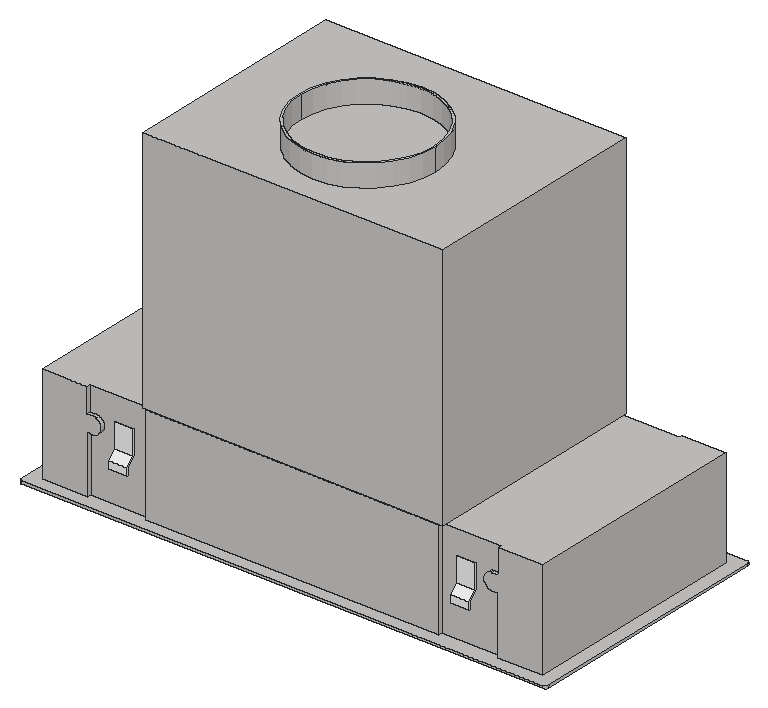
Revit family "FP_Revit_18_HPB6028-1_Rangehood_90000974B", category Specialty Equipment, Revit 2018
Family settings
  Round Connector Dimension = Use Diameter
  Part Type = Normal
  OmniClass Number = 23.40.40.00
  OmniClass Title = Food Service Equipment and Furnishings
  Work Plane-Based = No
  Always vertical = Yes
  Cut with Voids When Loaded = Yes
  Shared = No
  Room Calculation Point = No
Parameters
  Visibility - Clearance Required = yes
  URL = "www.fisherpaykel.com"
  Product - Width = 580 mm  # constant formula
  Product - Height = 407 mm  # constant formula
  Product - Depth = 280 mm  # constant formula
  Model = "HPB6028-1"
  Material - Glass = Fisher & Paykel - White Bezel
  Material - Body = Fisher & Paykel - Stainless Steel
  Manufacturer = "Fisher & Paykel Appliances"
  FFL Offset [instance] = 1550 mm
  Description = "60cm Integrated Insert Rangehood"
  Connector Description - Extraction = "150mm Outside diameter of ducting outlet, 700m³/hr"
  Connector Description - Electrical = "230 V, 15 A, Fused electrical supply"
  Chassis - Width = 550 mm  # constant formula
  Chassis - Height = 380 mm  # constant formula
  Chassis - Depth = 252 mm  # constant formula
  Cavity - Width = 555 mm  # constant formula
  Cavity - Height = 390 mm  # constant formula
  Cavity - Depth = 255 mm  # constant formula
Reference planes
  plane 1 "Center (Front/Back)": y = 0
  plane 2: z = 0
  plane 3 "Center (Left/Right)": x = 0
  plane 4 "Product LHS": x = -290
  plane 5 "Product RHS": x = 290
  plane 6 "Product Front": y = -140
  plane 7 "Cavity LHS": x = -277.5
  plane 8 "Cavity RHS": x = 277.5
  plane 9 "Product Rear": y = 140
  plane 10 "Chassis LHS": x = -275
  plane 11 "Chassis RHS": x = 275
  plane 12 "Chassis Front": y = -126
  plane 13 "Chassis Rear": y = 126
  plane 14 "Cavity Rear": y = 127.5
  plane 15 "Cavity Front": y = -127.5
  plane 16 "Cavity - Height": z = 1940
  plane 17 "Product - Height": z = 1954.5
  plane 18 "FFL Offset": z = 1550
Forms (mm)
  Extrusion 1, solid, material "Fisher & Paykel - Stainless Steel" <- "Material - Body"
    sketch origin (0, 0, 0) x (1, 0, 0) y (0, 0, 1)
      loop
        line (-165, 1658.4) -> (165, 1658.4) -> (165, 1930) -> (-165, 1930) -> (-165, 1658.4)
    from -126 to 126
  Extrusion 2, solid, material "Fisher & Paykel - Clearance Required", visible <- "Visibility - Clearance Required", detail levels coarse
    sketch origin (0, 0, 0) x (1, 0, 0) y (0, 1, 0)
      loop
        line (-277.5, 127.5) -> (-277.5, -127.5) -> (277.5, -127.5) -> (277.5, 127.5) -> (-277.5, 127.5)
    from 1550 to 1940
  Extrusion 3, void
    sketch origin (0, 0, 0) x (1, 0, 0) y (0, 1, 0)
      loop
        line (-277.5, 127.5) -> (-277.5, -127.5) -> (277.5, -127.5) -> (277.5, 127.5) -> (-277.5, 127.5)
    from 1550 to 1940
  Extrusion 4, solid, material "Fisher & Paykel - Clearance Required", visible <- "Visibility - Clearance Required", detail levels coarse
    sketch origin (0, 0, 0) x (1, 0, 0) y (0, 1, 0)
      loop
        circle (0, -23) r 80
    from 1940 to 1954.5
  Extrusion 5, void
    sketch origin (0, 0, 0) x (1, 0, 0) y (0, 1, 0)
      loop
        circle (0, -23) r 80
    from 1940 to 1954.5
  Extrusion 6, solid, material "Fisher & Paykel - Stainless Steel" <- "Material - Body"
    sketch origin (0, 0, 0) x (1, 0, 0) y (0, 1, 0)
      loop
        circle (0, -23) r 75
      loop
        circle (0, -23) r 73
    from 1930 to 1954.5
Text (mm)
  text "Due to ongoing product development, product details are subject to change without notice. \nPlease always refer to www.fisherpaykel.com for the most current product information. \n© Fisher & Paykel 2020" at (41.04, -1225.549, 0), in view "Ref. Level (Plan)"
Dimensions and locks
  equal spacing: plane 4 "Product LHS", plane 3 "Center (Left/Right)", plane 5 "Product RHS"
  "Product - Width": plane 4 "Product LHS" to plane 5 "Product RHS"
  equal spacing: plane 7 "Cavity LHS", plane 3 "Center (Left/Right)", plane 8 "Cavity RHS"
  "Cavity - Width": plane 7 "Cavity LHS" to plane 8 "Cavity RHS"
  equal spacing: plane 9 "Product Rear", plane 1 "Center (Front/Back)", plane 6 "Product Front"
  "Product - Depth": plane 9 "Product Rear" to plane 6 "Product Front"
  equal spacing: plane 10 "Chassis LHS", plane 3 "Center (Left/Right)", plane 11 "Chassis RHS"
  "Chassis - Width": plane 10 "Chassis LHS" to plane 11 "Chassis RHS"
  equal spacing: plane 13 "Chassis Rear", plane 1 "Center (Front/Back)", plane 12 "Chassis Front"
  "Chassis - Depth": plane 13 "Chassis Rear" to plane 12 "Chassis Front"
  equal spacing: plane 14 "Cavity Rear", plane 1 "Center (Front/Back)", plane 15 "Cavity Front"
  "Cavity - Depth": plane 14 "Cavity Rear" to plane 15 "Cavity Front"
  "FFL Offset": plane 18 "FFL Offset" to level
  locked: Extrusion 1 to plane 16 "Cavity - Height" at 281.6
  "Chassis - Height": Extrusion 1 to plane 18 "FFL Offset"
  locked: plane 17 "Product - Height" to plane 18 "FFL Offset" at 404.5
  "Cavity - Height": plane 18 "FFL Offset" to plane 16 "Cavity - Height"
  locked: nested 1 to plane 18 "FFL Offset" at 108.4
  aligned and locked: level to plane 2
  aligned and locked: plane 13 "Chassis Rear" to Extrusion 1
  aligned and locked: Extrusion 1 to plane 12 "Chassis Front"
  aligned and locked: plane 8 "Cavity RHS" to Extrusion 2 sketch curve
  aligned and locked: plane 15 "Cavity Front" to Extrusion 2 sketch curve
  aligned and locked: Extrusion 2 sketch curve to plane 7 "Cavity LHS"
  aligned and locked: Extrusion 2 sketch curve to plane 14 "Cavity Rear"
  aligned and locked: Extrusion 2 to plane 16 "Cavity - Height"
  aligned and locked: Extrusion 5 to Extrusion 2
  aligned and locked: Extrusion 6 to plane 17 "Product - Height"
  aligned and locked: Extrusion 3 to Extrusion 2  (x2)
  aligned and locked: Extrusion 6 to Extrusion 1
  aligned and locked: Extrusion 4 to Extrusion 2
  aligned and locked: Extrusion 4 to Extrusion 6
  aligned and locked: Extrusion 5 to Extrusion 4
  aligned and locked: Extrusion 2 to plane 18 "FFL Offset"
Automatic sketch dimensions
  plane 16 "Cavity - Height" to Extrusion 1 sketch curve = 10 mm
  Extrusion 1 sketch curve to plane 11 "Chassis RHS" = 110 mm
  Extrusion 2 sketch curve to plane 8 "Cavity RHS" = 0 mm
  Extrusion 3 sketch curve to plane 7 "Cavity LHS" = 0 mm
  Extrusion 3 sketch curve to plane 8 "Cavity RHS" = 0 mm
  Extrusion 3 sketch curve to plane 15 "Cavity Front" = 0 mm
  Extrusion 3 sketch curve to plane 14 "Cavity Rear" = 0 mm
  Extrusion 6 sketch curve to Extrusion 6 sketch curve = 0 mm  (x2)
  Extrusion 6 sketch curve to plane 3 "Center (Left/Right)" = 0 mm
  plane 1 "Center (Front/Back)" to Extrusion 6 sketch curve = 23 mm
  Extrusion 5 sketch curve to plane 3 "Center (Left/Right)" = 0 mm
  plane 1 "Center (Front/Back)" to Extrusion 5 sketch curve = 23 mm
  Extrusion 4 sketch curve to plane 3 "Center (Left/Right)" = 0 mm
  plane 1 "Center (Front/Back)" to Extrusion 4 sketch curve = 23 mm
  plane 10 "Chassis LHS" to Extrusion 1 sketch curve = 110 mm
  plane 18 "FFL Offset" to Extrusion 1 sketch curve = 108.4 mm
  radius of Extrusion 6 sketch curve = 75 mm
  radius of Extrusion 6 sketch curve = 73 mm
  radius of Extrusion 5 sketch curve = 80 mm
  radius of Extrusion 4 sketch curve = 80 mm
Nested families
  nested 1: "HPB6028-1" at (0, 0, 1550), type "HPB6028-1"
Connectors
  hvac at (0, -23, 1954.5), driven by "Connector Description - Extraction"
    settings: on Extrusion 6, index 4, duct flow 265.0 L/s, flow factor 0, pres drop 0.0 Pa, loss coef 0, conn angle 0.00°, conn width 304.8 mm, conn height 304.8 mm, conn diameter 150 mm, duct sys type 3, conn prof type 0, flow config 0, flow direction 2, loss method 0, conn ref index -1, conn util no, is conn primary yes, conn desc "150mm Outside diameter of ducting outlet, 700m³/hr"
  electrical at (-252.71, 93, 1710), driven by "Connector Description - Electrical"
    settings: on nested 1, index 5, voltage 230 V, apparent load 0 VA, apparent load phase1 0 VA, apparent load phase2 0 VA, apparent load phase3 0 VA, power factor 1, load classification "Other", number of poles 1, system type 30, power factor state 1, is connector primary yes, connector utility no, sub classification motor no, connector description "230 V, 15 A, Fused electrical supply"
Definition of nested family "HPB6028-1"
  Parameters (values of type "HPB6028-1")
    URL = "www.fisherpaykel.com"
    Product - Width = 580 mm  # constant formula
    Product - Depth = 280 mm  # constant formula
    Model = "HPB 6028-1"
    Material - Glass = none
    Material - Body = none
    Manufacturer = ""
    Description = ""
    Chassis - Width = 550 mm  # constant formula
    Chassis - Depth = 252 mm  # constant formula
  Reference planes
    plane 1 "Center (Front/Back)": y = 0
    plane 2: z = 0
    plane 3 "Center (Left/Right)": x = 0
    plane 4 "Product LHS": x = -290
    plane 5 "Product RHS": x = 290
    plane 6 "Product Front": y = -140
    plane 7 "Product Rear": y = 140
    plane 8 "Chassis LHS": x = -275
    plane 9 "Chassis RHS": x = 275
    plane 10 "Chassis Front": y = -126
    plane 11 "Chassis Rear": y = 126
  Forms (mm)
    Extrusion 1, solid, material <- "Material - Body"
      sketch origin (0, 0, 0) x (1, 0, 0) y (0, 0, 1)
        loop
          line (-275, 0) -> (275, 0) -> (275, 108.4) -> (-275, 108.4) -> (-275, 0)
      from -126 to 126
    Extrusion 2, solid, material <- "Material - Body"
      sketch origin (0, 0, 0) x (1, 0, 0) y (0, 1, 0)
        loop
          line (286.5, 140) -> (-286.5, 140)
          arc (-286.5, 140) -> (-288.975, 138.975) -> (-290, 136.5) r 3.5
          line (-290, 136.5) -> (-290, -136.5)
          arc (-290, -136.5) -> (-288.975, -138.975) -> (-286.5, -140) r 3.5
          line (-286.5, -140) -> (286.5, -140)
          arc (286.5, -140) -> (288.975, -138.975) -> (290, -136.5) r 3.5
          line (290, -136.5) -> (290, 136.5)
          arc (290, 136.5) -> (288.975, 138.975) -> (286.5, 140) r 3.5
        loop
          line (270.5, 120) -> (-270.5, 120) -> (-270.5, -120) -> (270.5, -120) -> (270.5, 120)
      from -2.5 to 0
    Extrusion 3, void
      sketch origin (0, 0, 0) x (1, 0, 0) y (0, 0, 1)
        loop
          line (-226.17, 108.4) -> (-226.17, 81.59) -> (-219.42, 81.59)
          arc (-219.42, 81.59) -> (-210.42, 72.59) -> (-219.42, 63.59) r 9
          line (-219.42, 63.59) -> (-225.557, 63.59) -> (-225.557, 0) -> (-161.02, 0) -> (-161.02, 108.4) -> (-226.17, 108.4)
        loop
          line (226.17, 108.4) -> (161.02, 108.4) -> (161.02, 0) -> (225.557, 0) -> (225.557, 63.59) -> (219.42, 63.59)
          arc (219.42, 63.59) -> (210.42, 72.59) -> (219.42, 81.59) r 9
          line (219.42, 81.59) -> (226.17, 81.59) -> (226.17, 108.4)
      from 126 to 122
    Extrusion 4, void
      sketch origin (0, 0, 0) x (1, 0, 0) y (0, 0, -1)
        loop
          line (-226.17, -108.4) -> (-161.02, -108.4) -> (-161.02, 0) -> (-225.557, 0) -> (-225.557, -63.59) -> (-219.42, -63.59)
          arc (-219.42, -63.59) -> (-210.42, -72.59) -> (-219.42, -81.59) r 9
          line (-219.42, -81.59) -> (-226.17, -81.59) -> (-226.17, -108.4)
        loop
          line (226.17, -108.4) -> (226.17, -81.59) -> (219.42, -81.59)
          arc (219.42, -81.59) -> (210.42, -72.59) -> (219.42, -63.59) r 9
          line (219.42, -63.59) -> (225.557, -63.59) -> (225.557, 0) -> (161.02, 0) -> (161.02, -108.4) -> (226.17, -108.4)
      from 126 to 122
    Extrusion 5, solid, detail levels fine
      sketch origin (0, 0, 0) x (0, 1, 0) y (0, 0, 1)
        loop
          line (-131.082, 47.589) -> (-131.082, 39.32) -> (-129.882, 39.32) -> (-129.882, 47.095) -> (-122, 54.977) -> (-122, 82.186) -> (-123.2, 82.186) -> (-123.2, 55.471) -> (-131.082, 47.589)
      from -198 to -177.979
    Extrusion 6, void
      sketch origin (0, 0, 0) x (1, 0, 0) y (0, 0, 1)
        loop
          line (-270.5, -2.5) -> (270.5, -2.5) -> (270.5, 0) -> (227.9, 17.365) -> (-227.9, 17.365) -> (-270.5, 0) -> (-270.5, -2.5)
      from -120 to 120
    Extrusion 7, void
      sketch origin (0, 0, 0) x (0, 1, 0) y (0, 0, 1)
        loop
          line (120, 17.365) -> (106.782, 67.5) -> (-67.2, 67.5) -> (-67.2, 27) -> (-87.6, 27) -> (-87.6, 67.5) -> (-120, 67.5) -> (-120, 27) -> (-120, 17.365) -> (120, 17.365)
      from -227.9 to 227.9
    Extrusion 8, solid, detail levels medium+fine
      sketch origin (0, 0, 0) x (0, 1, 0) y (0, 0, 1)
        loop
          line (98.187, 39.229) -> (98.187, 19.333) -> (110.095, 16.053) -> (117.213, 19.87) -> (117.213, 25.663) -> (113.831, 39.229) -> (98.187, 39.229)
      from -227.9 to 227.9
    Extrusion 9, solid, material <- "Material - Body", detail levels fine
      sketch origin (0, 0, 0) x (1, 0, 0) y (0, 1, 0)
        loop
          circle (113.826, 66.755) r 6
        loop
          circle (113.826, -43.379) r 6
        loop
          circle (-113.826, 66.755) r 6
        loop
          circle (-113.826, -43.379) r 6
      from 13 to 19.87
    Extrusion 10, solid, detail levels fine
      sketch origin (0, 0, 0) x (0, 1, 0) y (0, 0, -1)
        loop
          line (-131.082, -47.589) -> (-123.2, -55.471) -> (-123.2, -82.186) -> (-122, -82.186) -> (-122, -54.977) -> (-129.882, -47.095) -> (-129.882, -39.32) -> (-131.082, -39.32) -> (-131.082, -47.589)
      from -198 to -178
    Extrusion 11, solid, detail levels fine
      sketch origin (0, 0, 0) x (0, -1, 0) y (0, 0, -1)
        loop
          line (-131.082, -47.589) -> (-123.2, -55.471) -> (-123.2, -82.186) -> (-122, -82.186) -> (-122, -54.977) -> (-129.882, -47.095) -> (-129.882, -39.32) -> (-131.082, -39.32) -> (-131.082, -47.589)
      from -198 to -178
    Extrusion 12, solid, detail levels fine
      sketch origin (0, 0, 0) x (0, -1, 0) y (0, 0, 1)
        loop
          line (-131.082, 47.589) -> (-131.082, 39.32) -> (-129.882, 39.32) -> (-129.882, 47.095) -> (-122, 54.977) -> (-122, 82.186) -> (-123.2, 82.186) -> (-123.2, 55.471) -> (-131.082, 47.589)
      from -198 to -178
    Extrusion 13, solid
      sketch origin (0, -3.4, 0) x (1, 0, 0) y (0, 1, 0)
        loop
          line (-248.206, 108.7) -> (-259.71, 108.7) -> (-259.71, 84.1) -> (-248.62, 84.1) -> (-243.21, 89.51) -> (-243.21, 103.704) -> (-248.206, 108.7)
      from 108.4 to 133.4
    Extrusion 14, solid
      sketch origin (0, -3.4, 0) x (1, 0, 0) y (0, 1, 0)
        loop
          circle (-252.71, 96.4) r 3
      from 133.4 to 160
    Extrusion 15, solid, material <- "Material - Body", detail levels medium+fine
      sketch origin (0, 0, 0) x (1, 0, 0) y (0, 0, 1)
        loop
          line (201.702, 39.229) -> (176.108, 39.229) -> (176.108, 19.87) -> (201.702, 19.87) -> (201.702, 39.229)
        loop
          line (160.955, 39.229) -> (138.608, 39.229) -> (138.608, 19.87) -> (160.955, 19.87) -> (160.955, 39.229)
        loop
          line (126.702, 39.229) -> (101.108, 39.229) -> (101.108, 19.87) -> (126.702, 19.87) -> (126.702, 39.229)
        loop
          line (89.202, 39.229) -> (63.608, 39.229) -> (63.608, 19.87) -> (89.202, 19.87) -> (89.202, 39.229)
        loop
          line (51.702, 39.229) -> (26.108, 39.229) -> (26.108, 19.87) -> (51.702, 19.87) -> (51.702, 39.229)
        loop
          line (1.4, 39.229) -> (1.4, 19.87) -> (14.202, 19.87) -> (14.202, 39.229) -> (1.4, 39.229)
        loop
          line (213.608, 39.229) -> (213.608, 19.87) -> (225.492, 19.87) -> (225.492, 39.229) -> (213.608, 39.229)
        loop
          line (-201.702, 39.229) -> (-201.702, 19.87) -> (-176.108, 19.87) -> (-176.108, 39.229) -> (-201.702, 39.229)
        loop
          line (-160.955, 39.229) -> (-160.955, 19.87) -> (-138.608, 19.87) -> (-138.608, 39.229) -> (-160.955, 39.229)
        loop
          line (-126.702, 39.229) -> (-126.702, 19.87) -> (-101.108, 19.87) -> (-101.108, 39.229) -> (-126.702, 39.229)
        loop
          line (-89.202, 39.229) -> (-89.202, 19.87) -> (-63.608, 19.87) -> (-63.608, 39.229) -> (-89.202, 39.229)
        loop
          line (-51.702, 39.229) -> (-51.702, 19.87) -> (-26.108, 19.87) -> (-26.108, 39.229) -> (-51.702, 39.229)
        loop
          line (-1.4, 39.229) -> (-14.202, 39.229) -> (-14.202, 19.87) -> (-1.4, 19.87) -> (-1.4, 39.229)
        loop
          line (-213.608, 39.229) -> (-225.492, 39.229) -> (-225.492, 19.87) -> (-213.608, 19.87) -> (-213.608, 39.229)
      from -98.187 to 67.2
    Extrusion 16, solid, material <- "Material - Glass", detail levels fine
      sketch origin (0, 0, 0) x (0, 1, 0) y (0, 0, 1)
        loop
          line (-87.6, 27) -> (-87.6, 67.5) -> (-120, 67.5) -> (-120, 27) -> (-87.6, 27)
      from -227.9 to 227.9
  Cuts and joins
    Extrusion 3, Extrusion 4, Extrusion 6, Extrusion 7 cuts Extrusion 1
    Extrusion 4 cuts Extrusion 2
  Text (mm)
    text "Due to ongoing product development, product details are subject to change without notice. \nPlease always refer to www.fisherpaykel.com for the most current product information. \n© Fisher & Paykel 2020" at (41.04, -1225.549, 0), in view "Ref. Level (Plan)"
  Dimensions and locks
    equal spacing: plane 4 "Product LHS", plane 3 "Center (Left/Right)", plane 5 "Product RHS"
    "Product - Width": plane 4 "Product LHS" to plane 5 "Product RHS"
    equal spacing: plane 7 "Product Rear", plane 1 "Center (Front/Back)", plane 6 "Product Front"
    "Product - Depth": plane 7 "Product Rear" to plane 6 "Product Front"
    equal spacing: plane 8 "Chassis LHS", plane 3 "Center (Left/Right)", plane 9 "Chassis RHS"
    "Chassis - Width": plane 8 "Chassis LHS" to plane 9 "Chassis RHS"
    locked: level to cut or joined group of Extrusion 2, Extrusion 4 at 2.5
    cut or joined group of Extrusion 1, Extrusion 3, Extrusion 4, Extrusion 6, Extrusion 7 to level = 108.4 mm
    equal spacing: plane 11 "Chassis Rear", plane 1 "Center (Front/Back)", plane 10 "Chassis Front"
    "Chassis - Depth": plane 11 "Chassis Rear" to plane 10 "Chassis Front"
    plane 1 "Center (Front/Back)" to Extrusion 14 = 93 mm
    aligned and locked: level to plane 2
    aligned and locked: plane 8 "Chassis LHS" to Extrusion 1 sketch curve
    aligned and locked: Extrusion 1 sketch curve to plane 9 "Chassis RHS"
    aligned and locked: level to Extrusion 1 sketch curve
    aligned and locked: plane 7 "Product Rear" to Extrusion 2 sketch curve
    aligned and locked: plane 4 "Product LHS" to Extrusion 2 sketch curve
    aligned and locked: Extrusion 2 sketch curve to plane 6 "Product Front"
    aligned and locked: Extrusion 2 sketch curve to plane 5 "Product RHS"
    aligned and locked: plane 11 "Chassis Rear" to Extrusion 1
    aligned and locked: Extrusion 1 to plane 10 "Chassis Front"
    aligned and locked: Extrusion 1 to plane 8 "Chassis LHS"
    aligned and locked: plane 9 "Chassis RHS" to Extrusion 1
  Automatic sketch dimensions
    level to Extrusion 1 sketch curve = 108.4 mm
    Extrusion 3 sketch curve to level = 0 mm  (x2)
    plane 8 "Chassis LHS" to Extrusion 3 sketch curve = 48.83 mm
    plane 8 "Chassis LHS" to Extrusion 3 sketch curve = 49.443 mm
    Extrusion 3 sketch curve to Extrusion 3 sketch curve = 6.75 mm  (x2)
    Extrusion 3 sketch curve to Extrusion 3 sketch curve = 58.4 mm
    Extrusion 3 sketch curve to plane 9 "Chassis RHS" = 113.98 mm
    Extrusion 3 sketch curve to plane 9 "Chassis RHS" = 55.58 mm
    Extrusion 3 sketch curve to plane 9 "Chassis RHS" = 49.443 mm
    level to Extrusion 3 sketch curve = 63.59 mm  (x2)
    Extrusion 3 sketch curve to Extrusion 3 sketch curve = 9 mm  (x2)
    Extrusion 3 sketch curve to Extrusion 3 sketch curve = 26.81 mm  (x2)
    Extrusion 4 sketch curve to level = 0 mm  (x2)
    plane 8 "Chassis LHS" to Extrusion 4 sketch curve = 48.83 mm
    plane 8 "Chassis LHS" to Extrusion 4 sketch curve = 49.443 mm
    Extrusion 4 sketch curve to Extrusion 4 sketch curve = 6.75 mm  (x2)
    Extrusion 4 sketch curve to Extrusion 4 sketch curve = 58.4 mm
    Extrusion 4 sketch curve to plane 9 "Chassis RHS" = 113.98 mm
    Extrusion 4 sketch curve to plane 9 "Chassis RHS" = 55.58 mm
    Extrusion 4 sketch curve to plane 9 "Chassis RHS" = 49.443 mm
    level to Extrusion 4 sketch curve = 63.59 mm  (x2)
    Extrusion 4 sketch curve to Extrusion 4 sketch curve = 9 mm  (x2)
    Extrusion 4 sketch curve to Extrusion 4 sketch curve = 26.81 mm  (x2)
    Extrusion 5 sketch curve to Extrusion 5 sketch curve = 1.2 mm  (x2)
    plane 10 "Chassis Front" to Extrusion 5 sketch curve = 2.8 mm
    level to Extrusion 5 sketch curve = 39.32 mm
    Extrusion 5 sketch curve to Extrusion 5 sketch curve = 7.775 mm
    Extrusion 5 sketch curve to Extrusion 5 sketch curve = 0.494 mm  (x2)
    Extrusion 5 sketch curve to Extrusion 5 sketch curve = 7.882 mm
    Extrusion 5 sketch curve to Extrusion 5 sketch curve = 26.715 mm
    Extrusion 6 sketch curve to level = 0 mm  (x2)
    plane 8 "Chassis LHS" to Extrusion 6 sketch curve = 4.5 mm
    level to Extrusion 6 sketch curve = 17.365 mm
    Extrusion 6 sketch curve to Extrusion 6 sketch curve = 42.6 mm
    Extrusion 6 sketch curve to plane 9 "Chassis RHS" = 47.1 mm
    Extrusion 6 sketch curve to plane 9 "Chassis RHS" = 4.5 mm
    Extrusion 6 sketch curve to level = 2.5 mm
    Extrusion 8 sketch curve to plane 11 "Chassis Rear" = 27.813 mm
    Extrusion 8 sketch curve to Extrusion 8 sketch curve = 11.908 mm
    Extrusion 8 sketch curve to plane 11 "Chassis Rear" = 12.169 mm
    Extrusion 8 sketch curve to plane 11 "Chassis Rear" = 8.787 mm
    level to Extrusion 8 sketch curve = 16.053 mm
    Extrusion 8 sketch curve to Extrusion 8 sketch curve = 3.28 mm
    Extrusion 8 sketch curve to Extrusion 8 sketch curve = 3.817 mm
    Extrusion 8 sketch curve to Extrusion 8 sketch curve = 5.794 mm
    Extrusion 8 sketch curve to Extrusion 8 sketch curve = 13.565 mm
    Extrusion 9 sketch curve to plane 3 "Center (Left/Right)" = 113.826 mm
    plane 1 "Center (Front/Back)" to Extrusion 9 sketch curve = 43.379 mm  (x2)
    Extrusion 9 sketch curve to Extrusion 9 sketch curve = 0 mm  (x2)
    plane 3 "Center (Left/Right)" to Extrusion 9 sketch curve = 113.826 mm
    Extrusion 9 sketch curve to plane 11 "Chassis Rear" = 59.245 mm  (x2)
    Extrusion 10 sketch curve to Extrusion 10 sketch curve = 1.2 mm  (x2)
    plane 10 "Chassis Front" to Extrusion 10 sketch curve = 2.8 mm
    level to Extrusion 10 sketch curve = 82.186 mm
    Extrusion 10 sketch curve to Extrusion 10 sketch curve = 26.715 mm
    Extrusion 10 sketch curve to Extrusion 10 sketch curve = 0.494 mm  (x2)
    Extrusion 10 sketch curve to Extrusion 10 sketch curve = 7.882 mm
    Extrusion 10 sketch curve to Extrusion 10 sketch curve = 7.775 mm
    Extrusion 11 sketch curve to Extrusion 11 sketch curve = 1.2 mm  (x2)
    plane 11 "Chassis Rear" to Extrusion 11 sketch curve = 2.8 mm
    Extrusion 11 sketch curve to level = 39.32 mm
    Extrusion 11 sketch curve to Extrusion 11 sketch curve = 7.775 mm
    Extrusion 11 sketch curve to Extrusion 11 sketch curve = 0.494 mm  (x2)
    Extrusion 11 sketch curve to Extrusion 11 sketch curve = 7.882 mm
    Extrusion 11 sketch curve to Extrusion 11 sketch curve = 26.715 mm
    Extrusion 12 sketch curve to Extrusion 12 sketch curve = 1.2 mm  (x2)
    Extrusion 12 sketch curve to plane 11 "Chassis Rear" = 2.8 mm
    level to Extrusion 12 sketch curve = 39.32 mm
    Extrusion 12 sketch curve to Extrusion 12 sketch curve = 7.775 mm
    Extrusion 12 sketch curve to Extrusion 12 sketch curve = 0.494 mm  (x2)
    Extrusion 12 sketch curve to Extrusion 12 sketch curve = 7.882 mm
    Extrusion 12 sketch curve to Extrusion 12 sketch curve = 26.715 mm
    plane 8 "Chassis LHS" to Extrusion 13 sketch curve = 15.29 mm
    Extrusion 13 sketch curve to Extrusion 13 sketch curve = 11.09 mm
    Extrusion 13 sketch curve to Extrusion 13 sketch curve = 11.504 mm
    Extrusion 13 sketch curve to Extrusion 13 sketch curve = 4.996 mm  (x2)
    Extrusion 13 sketch curve to plane 11 "Chassis Rear" = 45.3 mm
    Extrusion 13 sketch curve to Extrusion 13 sketch curve = 5.41 mm
    Extrusion 13 sketch curve to Extrusion 13 sketch curve = 14.194 mm
    plane 8 "Chassis LHS" to Extrusion 14 sketch curve = 22.29 mm
    Extrusion 14 sketch curve to plane 11 "Chassis Rear" = 33 mm
    plane 8 "Chassis LHS" to Extrusion 15 sketch curve = 49.508 mm
    Extrusion 15 sketch curve to Extrusion 15 sketch curve = 11.884 mm  (x2)
    Extrusion 15 sketch curve to Extrusion 15 sketch curve = 11.905 mm  (x10)
    Extrusion 15 sketch curve to Extrusion 15 sketch curve = 25.595 mm  (x8)
    Extrusion 15 sketch curve to Extrusion 15 sketch curve = 15.153 mm  (x2)
    Extrusion 15 sketch curve to Extrusion 15 sketch curve = 22.347 mm  (x2)
    Extrusion 15 sketch curve to plane 3 "Center (Left/Right)" = 1.4 mm
    plane 3 "Center (Left/Right)" to Extrusion 15 sketch curve = 1.4 mm
    Extrusion 15 sketch curve to Extrusion 15 sketch curve = 12.802 mm
    level to Extrusion 15 sketch curve = 19.87 mm  (x3)
    Extrusion 15 sketch curve to Extrusion 15 sketch curve = 0 mm  (x22)
    Extrusion 15 sketch curve to Extrusion 15 sketch curve = 19.359 mm  (x3)
    plane 10 "Chassis Front" to Extrusion 7 sketch curve = 6 mm
    Extrusion 7 sketch curve to Extrusion 7 sketch curve = 32.4 mm
    Extrusion 7 sketch curve to Extrusion 7 sketch curve = 20.4 mm
    Extrusion 7 sketch curve to plane 11 "Chassis Rear" = 19.218 mm
    Extrusion 7 sketch curve to plane 11 "Chassis Rear" = 6 mm
    level to Extrusion 7 sketch curve = 17.365 mm
    Extrusion 7 sketch curve to Extrusion 7 sketch curve = 9.635 mm
    Extrusion 7 sketch curve to Extrusion 7 sketch curve = 40.5 mm
    Extrusion 7 sketch curve to Extrusion 7 sketch curve = 0 mm
    level to Extrusion 7 sketch curve = 27 mm
    plane 10 "Chassis Front" to Extrusion 16 sketch curve = 6 mm
    Extrusion 16 sketch curve to Extrusion 16 sketch curve = 32.4 mm
    level to Extrusion 16 sketch curve = 27 mm
    Extrusion 16 sketch curve to Extrusion 16 sketch curve = 40.5 mm
    Extrusion 2 sketch curve to plane 4 "Product LHS" = 3.5 mm  (x2)
    plane 8 "Chassis LHS" to Extrusion 2 sketch curve = 4.5 mm
    plane 9 "Chassis RHS" to Extrusion 2 sketch curve = 11.5 mm
    Extrusion 2 sketch curve to plane 9 "Chassis RHS" = 4.5 mm
    plane 5 "Product RHS" to Extrusion 2 sketch curve = 3.5 mm
    plane 10 "Chassis Front" to Extrusion 2 sketch curve = 6 mm
    Extrusion 2 sketch curve to plane 11 "Chassis Rear" = 6 mm
    Extrusion 11 sketch curve to plane 11 "Chassis Rear" = 3.882 mm
    plane 11 "Chassis Rear" to Extrusion 12 sketch curve = 3.882 mm
    Extrusion 5 sketch curve to plane 10 "Chassis Front" = 3.882 mm
    Extrusion 10 sketch curve to plane 10 "Chassis Front" = 3.882 mm
    radius of Extrusion 9 sketch curve = 6 mm  (x4)
    radius of Extrusion 14 sketch curve = 3 mm
